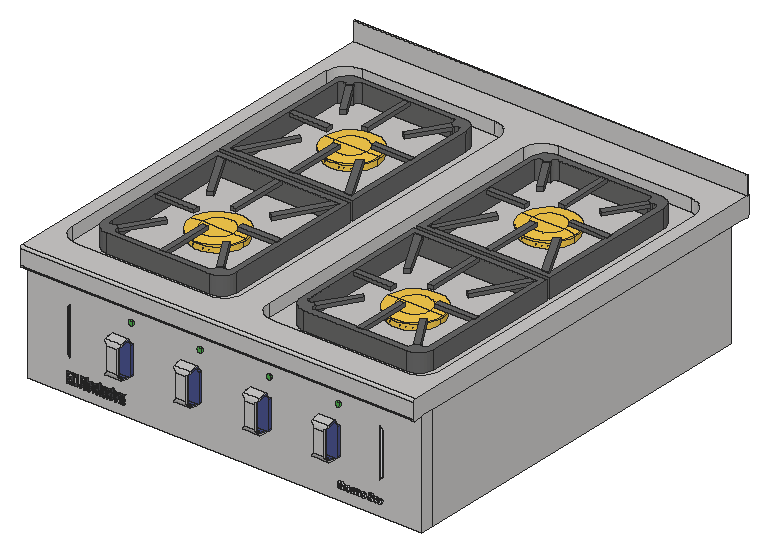
Revit family "QF_ELECTROLUXPROFESSIONAL_588524_MBGGBBHOPO", category Attrezzature speciali, Revit 2020 (continued)
Definition of nested family "Therma_One_Burner_Long"
  Lines and regions (mm)
    symbolic lines
      curve 3: arc (7.919, -51.812, 0) -> (40.338, -35.734, 0) -> (55.751, -2.992, 0) r 55
      curve 4: arc (-53.646, -2.992, 0) -> (-38.234, -35.734, 0) -> (-5.814, -51.812, 0) r 55
      curve 5: arc (-103.948, 155.258, 0) -> (-125.161, 146.471, 0) -> (-133.948, 125.258, 0) r 30
      curve 6: line (106.052, 155.258, 0) -> (-103.948, 155.258, 0)
      curve 7: line (-133.948, 125.258, 0) -> (-133.948, -162.742, 0)
      curve 8: line (-122.448, 8.508, 0) -> (-122.448, 120.119, 0)
      curve 9: arc (-122.448, 120.119, 0) -> (-117.602, 127.471, 0) -> (-108.936, 125.917, 0) r 8
      curve 10: line (-108.936, 125.917, 0) -> (-64.98, 54.999, 0)
      curve 11: line (-64.98, 54.999, 0) -> (-55.47, 61.908, 0)
      curve 12: line (-55.47, 61.908, 0) -> (-97.913, 130.868, 0)
      curve 13: line (-91.582, 143.758, 0) -> (-4.698, 143.758, 0)
      curve 14: arc (-97.913, 130.868, 0) -> (-98.762, 139.285, 0) -> (-91.582, 143.758, 0) r 8
      curve 15: line (-4.698, 143.758, 0) -> (-4.698, 35.758, 0)
      curve 16: line (6.802, 35.758, 0) -> (6.802, 143.758, 0)
      curve 17: line (6.802, 143.758, 0) -> (93.686, 143.758, 0)
      curve 18: arc (93.686, 143.758, 0) -> (100.866, 139.285, 0) -> (100.018, 130.868, 0) r 8
      curve 19: line (100.018, 130.868, 0) -> (57.575, 61.908, 0)
      curve 20: line (57.575, 61.908, 0) -> (67.085, 54.999, 0)
      curve 21: line (67.085, 54.999, 0) -> (111.04, 125.917, 0)
      curve 22: arc (111.04, 125.917, 0) -> (119.707, 127.471, 0) -> (124.552, 120.119, 0) r 8
      curve 23: line (124.552, 120.119, 0) -> (124.552, 8.508, 0)
      curve 24: line (124.552, 8.508, 0) -> (46.052, 8.508, 0)
      curve 25: line (46.052, 8.508, 0) -> (46.052, -2.992, 0)
      curve 26: line (46.052, -2.992, 0) -> (124.645, -2.992, 0)
      curve 27: line (67.085, -49.483, 0) -> (57.575, -56.392, 0)
      curve 28: line (124.645, -151.019, 0) -> (67.085, -49.483, 0)
      curve 29: line (57.575, -56.392, 0) -> (109.799, -151.019, 0)
      curve 30: line (109.799, -151.019, 0) -> (6.802, -151.019, 0)
      curve 31: line (124.645, -2.992, 0) -> (124.645, -151.019, 0)
      curve 32: line (6.802, -151.019, 0) -> (6.802, -35.742, 0)
      curve 33: line (-4.698, -35.742, 0) -> (-4.698, -151.019, 0)
      curve 34: line (6.802, -35.742, 0) -> (-4.698, -35.742, 0)
      curve 35: line (-107.695, -151.019, 0) -> (-55.47, -56.392, 0)
      curve 36: line (-55.47, -56.392, 0) -> (-64.98, -49.483, 0)
      curve 37: line (-64.98, -49.483, 0) -> (-122.541, -151.019, 0)
      curve 38: line (-4.698, -151.019, 0) -> (-107.695, -151.019, 0)
      curve 39: line (-122.541, -151.019, 0) -> (-122.541, -2.992, 0)
      curve 40: line (-122.541, -2.992, 0) -> (-43.948, -2.992, 0)
      curve 41: line (-43.948, 8.508, 0) -> (-122.448, 8.508, 0)
      curve 42: line (-43.948, -2.992, 0) -> (-43.948, 8.508, 0)
      curve 43: line (-4.698, 35.758, 0) -> (6.802, 35.758, 0)
      curve 44: arc (136.052, 125.258, 0) -> (127.265, 146.471, 0) -> (106.052, 155.258, 0) r 30
      curve 45: line (136.052, -162.742, 0) -> (136.052, 125.258, 0)
      curve 46: line (-133.948, -162.742, 0) -> (136.052, -162.742, 0)
  Dimensions and locks
    plane 5 to plane 4 = 270 mm
    plane 4 to plane 5 = 270 mm
    equal spacing: plane 4, plane 3 "Center (Left/Right)", plane 5
    plane 9 to plane 8 = 318 mm
  Automatic sketch dimensions
    curve 1 to curve 2 = 0 mm  (x2)
    curve 1 to curve 3 = 0 mm  (x2)
    curve 1 to curve 4 = 0 mm  (x2)
    curve 2 to curve 3 = 0 mm  (x2)
    curve 2 to curve 4 = 0 mm  (x2)
    curve 3 to curve 4 = 0 mm  (x2)
    curve 5 to plane 4 = 0 mm
    plane 8 to curve 6 = 0 mm
    plane 1 "Center (Front/Back)" to curve 2 = 0 mm
    curve 2 to plane 3 "Center (Left/Right)" = 0 mm
    curve 45 to plane 5 = 0 mm
    curve 46 to plane 9 = 0 mm
    plane 4 to curve 39 = 11.407 mm
    curve 41 to plane 1 "Center (Front/Back)" = 5.75 mm
    plane 4 to curve 41 = 11.5 mm
    curve 8 to curve 9 = 8 mm
    curve 9 to curve 10 = 5.512 mm
    curve 37 to curve 38 = 14.846 mm
    curve 10 to curve 5 = 4.988 mm
    plane 8 to curve 12 = 24.39 mm
    curve 5 to curve 12 = 6.034 mm
    curve 12 to curve 13 = 6.332 mm
    curve 10 to plane 3 "Center (Left/Right)" = 66.032 mm
    curve 36 to plane 3 "Center (Left/Right)" = 66.032 mm
    curve 10 to curve 11 = 9.51 mm
    curve 36 to curve 36 = 9.51 mm
    plane 1 "Center (Front/Back)" to curve 40 = 5.75 mm
    curve 40 to plane 3 "Center (Left/Right)" = 45 mm
    curve 38 to plane 3 "Center (Left/Right)" = 5.75 mm
    curve 13 to plane 3 "Center (Left/Right)" = 5.75 mm
    plane 3 "Center (Left/Right)" to curve 32 = 5.75 mm
    plane 3 "Center (Left/Right)" to curve 43 = 5.75 mm
    plane 1 "Center (Front/Back)" to curve 25 = 5.75 mm
    plane 3 "Center (Left/Right)" to curve 25 = 45 mm
    curve 25 to curve 29 = 11.522 mm
    curve 24 to curve 19 = 11.522 mm
    curve 19 to curve 20 = 9.51 mm
    curve 27 to curve 28 = 9.51 mm
    plane 8 to curve 18 = 19.5 mm
    curve 18 to plane 5 = 42.366 mm
    curve 18 to curve 19 = 6.332 mm
    curve 17 to curve 6 = 12.366 mm
    plane 9 to curve 29 = 11.724 mm
    curve 29 to plane 5 = 26.253 mm
    curve 44 to curve 21 = 4.988 mm
    curve 21 to curve 22 = 5.512 mm
    curve 22 to curve 23 = 8 mm
    curve 31 to plane 5 = 11.407 mm
    plane 9 to curve 28 = 11.724 mm
    plane 9 to curve 37 = 11.724 mm
    curve 38 to curve 30 = 0 mm
    curve 29 to curve 3 = 53.4 mm
    curve 35 to curve 4 = 53.4 mm
    curve 27 to curve 28 = 6.909 mm
    curve 35 to curve 37 = 6.909 mm
    plane 1 "Center (Front/Back)" to curve 33 = 38.5 mm
    curve 24 to plane 1 "Center (Front/Back)" = 5.75 mm
    curve 15 to plane 1 "Center (Front/Back)" = 33 mm
    curve 2 to curve 21 = 46.491 mm
    curve 1 to curve 10 = 46.491 mm
    curve 10 to curve 11 = 6.909 mm
    curve 20 to curve 20 = 6.909 mm
    curve 8 to curve 5 = 5.139 mm
    curve 22 to curve 44 = 5.139 mm
    curve 19 to curve 18 = 4.89 mm
    curve 12 to curve 14 = 4.89 mm
    curve 1 to curve 41 = 9.699 mm
    curve 4 to curve 40 = 9.699 mm
    curve 1 to plane 3 "Center (Left/Right)" = 6.867 mm
    curve 4 to plane 3 "Center (Left/Right)" = 6.867 mm
    plane 3 "Center (Left/Right)" to curve 2 = 6.867 mm
    plane 3 "Center (Left/Right)" to curve 3 = 6.867 mm
    curve 25 to curve 3 = 9.699 mm
    curve 24 to curve 2 = 9.699 mm
    level to Extrusion 1 sketch curve = 6.05 mm
    level to Extrusion 2 sketch curve = 6.05 mm
    level to Extrusion 3 sketch curve = 6.05 mm
    level to Extrusion 4 sketch curve = 6.05 mm
    level to Extrusion 5 sketch curve = 6.05 mm
    level to Extrusion 6 sketch curve = 6.05 mm
    level to Extrusion 7 sketch curve = 6.05 mm
    level to Extrusion 8 sketch curve = 6.05 mm
    level to Extrusion 9 sketch curve = 6.05 mm
    level to Extrusion 10 sketch curve = 6.05 mm
    level to Extrusion 11 sketch curve = 6.05 mm
    level to Extrusion 12 sketch curve = 6.05 mm
    level to Extrusion 13 sketch curve = 6.05 mm
    level to Extrusion 14 sketch curve = 6.05 mm
    level to Extrusion 15 sketch curve = 6.05 mm
    level to Extrusion 16 sketch curve = 6.05 mm
    level to Extrusion 17 sketch curve = 6.05 mm
    level to Extrusion 18 sketch curve = 6.05 mm
    level to Extrusion 19 sketch curve = 6.05 mm
    level to Extrusion 20 sketch curve = 6.05 mm
    level to Extrusion 21 sketch curve = 6.05 mm
    level to Extrusion 22 sketch curve = 6.05 mm
    level to Extrusion 23 sketch curve = 6.05 mm
    level to Extrusion 24 sketch curve = 6.05 mm
    level to Extrusion 25 sketch curve = 6.05 mm
    level to Extrusion 26 sketch curve = 6.05 mm
    Extrusion 27 sketch curve to plane 4 = 0 mm
    plane 8 to Extrusion 27 sketch curve = 0 mm
    Extrusion 27 sketch curve to plane 5 = 0 mm
    Extrusion 27 sketch curve to plane 9 = 0 mm
    plane 4 to Extrusion 27 sketch curve = 11.5 mm
    Extrusion 27 sketch curve to Extrusion 27 sketch curve = 8 mm
    Extrusion 27 sketch curve to Extrusion 27 sketch curve = 5.512 mm
    Extrusion 27 sketch curve to Extrusion 27 sketch curve = 0.842 mm  (x2)
    Extrusion 27 sketch curve to Extrusion 27 sketch curve = 4.988 mm
    Extrusion 27 sketch curve to Extrusion 27 sketch curve = 6.034 mm  (x2)
    plane 8 to Extrusion 27 sketch curve = 11.5 mm
    Extrusion 27 sketch curve to Extrusion 27 sketch curve = 6.332 mm  (x2)
    Extrusion 27 sketch curve to plane 5 = 42.366 mm
    Extrusion 27 sketch curve to Extrusion 27 sketch curve = 4.146 mm
    Extrusion 27 sketch curve to Extrusion 27 sketch curve = 6.354 mm
    Extrusion 27 sketch curve to plane 5 = 11.5 mm
    plane 9 to Extrusion 27 sketch curve = 11.724 mm
    Extrusion 27 sketch curve to Extrusion 27 sketch curve = 5.139 mm  (x2)
    Extrusion 27 sketch curve to Extrusion 27 sketch curve = 1.359 mm  (x2)
    plane 4 to Extrusion 28 sketch curve = 11.407 mm  (x2)
    plane 4 to Extrusion 28 sketch curve = 25.854 mm
    Extrusion 28 sketch curve to Extrusion 28 sketch curve = 14.846 mm
    plane 8 to Extrusion 28 sketch curve = 24.39 mm  (x2)
    Extrusion 28 sketch curve to Extrusion 28 sketch curve = 10.18 mm  (x2)
    Extrusion 28 sketch curve to plane 3 "Center (Left/Right)" = 66.032 mm  (x2)
    Extrusion 28 sketch curve to Extrusion 28 sketch curve = 9.51 mm  (x4)
    plane 1 "Center (Front/Back)" to Extrusion 28 sketch curve = 5.75 mm  (x2)
    Extrusion 28 sketch curve to plane 3 "Center (Left/Right)" = 45 mm
    Extrusion 28 sketch curve to plane 3 "Center (Left/Right)" = 5.75 mm  (x2)
    plane 3 "Center (Left/Right)" to Extrusion 28 sketch curve = 5.75 mm  (x2)
    plane 3 "Center (Left/Right)" to Extrusion 28 sketch curve = 45 mm
    Extrusion 28 sketch curve to Extrusion 28 sketch curve = 11.522 mm  (x2)
    Extrusion 28 sketch curve to plane 5 = 36.034 mm
    plane 9 to Extrusion 28 sketch curve = 11.724 mm  (x3)
    Extrusion 28 sketch curve to plane 5 = 26.253 mm
    Extrusion 28 sketch curve to plane 5 = 11.407 mm  (x2)
    Extrusion 28 sketch curve to Extrusion 28 sketch curve = 53.4 mm  (x2)
    Extrusion 28 sketch curve to Extrusion 28 sketch curve = 6.909 mm  (x4)
    plane 1 "Center (Front/Back)" to Extrusion 28 sketch curve = 38.5 mm
    Extrusion 28 sketch curve to plane 1 "Center (Front/Back)" = 5.75 mm  (x2)
    Extrusion 28 sketch curve to plane 1 "Center (Front/Back)" = 33 mm
    Extrusion 28 sketch curve to Extrusion 28 sketch curve = 46.491 mm  (x2)
    plane 8 to Extrusion 28 sketch curve = 11.5 mm
    Revolve 29 sketch curve to plane 5 = 190.017 mm
    Revolve 29 sketch curve to level = 0 mm  (x2)
    Revolve 29 sketch curve to plane 5 = 187.273 mm
    Revolve 29 sketch curve to Revolve 29 sketch curve = 20.661 mm
    Revolve 29 sketch curve to Revolve 29 sketch curve = 31.612 mm
    Revolve 29 sketch curve to Revolve 29 sketch curve = 12.194 mm
    Revolve 29 sketch curve to Revolve 29 sketch curve = 0.684 mm
    Revolve 29 sketch curve to Revolve 29 sketch curve = 2.8 mm
    level to Revolve 29 sketch curve = 17.388 mm
    Revolve 29 sketch curve to Revolve 29 sketch curve = 0 mm
    Revolve 29 sketch curve to Revolve 29 sketch curve = 67.612 mm
    radius of Extrusion 1 sketch curve = 1 mm
    radius of Extrusion 2 sketch curve = 1 mm
    radius of Extrusion 3 sketch curve = 1 mm
    radius of Extrusion 4 sketch curve = 1 mm
    radius of Extrusion 5 sketch curve = 1 mm
    radius of Extrusion 6 sketch curve = 1 mm
    radius of Extrusion 7 sketch curve = 1 mm
    radius of Extrusion 8 sketch curve = 1 mm
    radius of Extrusion 9 sketch curve = 1 mm
    radius of Extrusion 10 sketch curve = 1 mm
    radius of Extrusion 11 sketch curve = 1 mm
    radius of Extrusion 12 sketch curve = 1 mm
    radius of Extrusion 13 sketch curve = 1 mm
    radius of Extrusion 14 sketch curve = 1 mm
    radius of Extrusion 15 sketch curve = 1 mm
    radius of Extrusion 16 sketch curve = 1 mm
    radius of Extrusion 17 sketch curve = 1 mm
    radius of Extrusion 18 sketch curve = 1 mm
    radius of Extrusion 19 sketch curve = 1 mm
    radius of Extrusion 20 sketch curve = 1 mm
    radius of Extrusion 21 sketch curve = 1 mm
    radius of Extrusion 22 sketch curve = 1 mm
    radius of Extrusion 23 sketch curve = 1 mm
    radius of Extrusion 24 sketch curve = 1 mm
    radius of Extrusion 25 sketch curve = 1 mm
    radius of Extrusion 26 sketch curve = 1 mm
